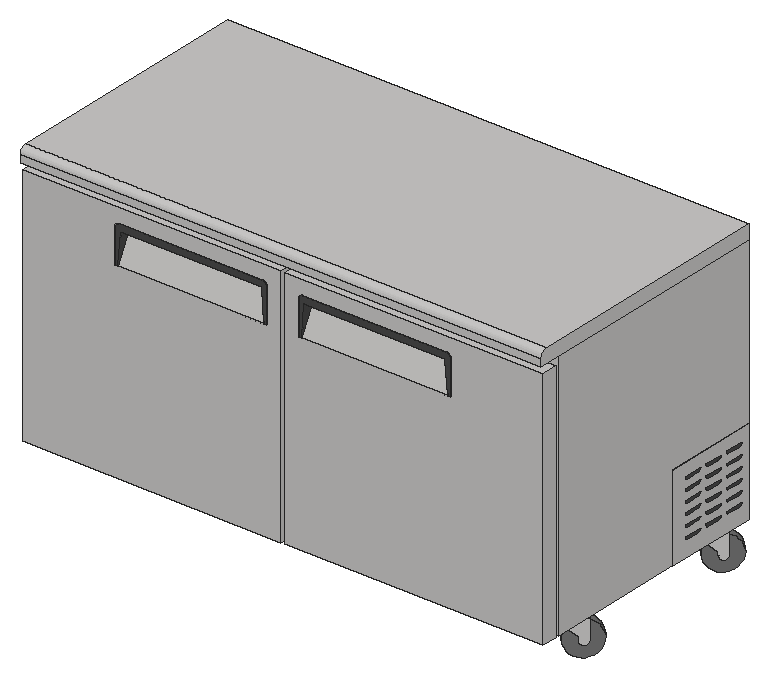
Revit family "QF_Turbo Air_MUF-60", category Specialty Equipment, Revit 2012
Parameters
  Weight in Pounds = 282
  Watermarked By = "http://revitwatermark.com"
  Volts = 115 V
  URL Cutsheet = ""
  URL = "www.turboairinc.com"
  Status [instance] = ""
  Specification by User [instance] = ""
  Specification by Manufacturer [instance] = ""
  Serial Number [instance] = ""
  Revision Code [instance] = ""
  Phase = 1
  Number of Poles [instance] = 1
  NAFEM Spec ID Number [instance] = ""
  Model = "MUF-60"
  Masterspec [instance] = ""
  Manufacturer = "Turbo Air"  # constant formula
  Legs [instance] = [6 inch Legs]  # no
  Item Number [instance] = "-"
  Installed By [instance] = ""
  HP = "1/2"
  Furnished By [instance] = ""
  Foodservice Equipment Identifier = yes
  FL Amps = 9 A
  Electrical Remarks [instance] = ""
  Electric Connection Type [instance] = ""
  Elec Conn RI Height [instance] = 0' - 0"
  Elec Conn Connection Height = 1' - 0"
  Description = "Undercounter Freezer"
  Cycle = 60 Hz
  Conn Plug = "NEMA 5-15P"
  Casters [instance] = not(Legs)  # yes
  CasterLeg Height [instance] = if([4 inch Casters], 0' 5", if([5 inch Casters], 0' 5 3/4", if([2_5 inch Casters], 0' 3 3/8", 0' 6")))  # 0' - 5"
  CSI MasterFormat = "11 41 13"
  Assembly Code = "E1090320"
  Apparent Power = if(Phase = 3, Volts * FL Amps * 1.73, Volts * FL Amps)  # 1035 VA
  6 inch Legs [instance] = no
  5 inch Casters [instance] = no
  4 inch Casters [instance] = yes
  2_5 inch Casters [instance] = no
Reference planes (in)
  plane 1 "BACK": y = 0
  plane 2: z = 0
  plane 3 "LEFT": x = -20.78844
  plane 4 "Bottom": z = 5
  plane 5 "Back Stops": y = 1
  plane 6 "RIGHT": x = 39.46156
  plane 7 "FRONT": y = -30
  plane 8 "Door Clearance": y = -57.875
  plane 9 "Back of Door": y = -27.875
  plane 10 "Front of Box": y = -27.375
  plane 11 "Top of Door": z = 33.125
  plane 12 "TOP": z = 35.625
  plane 13 "Bottom of TOP": z = 34
  plane 14 "Center LR": x = 9.33656
  plane 15: x = 9.52406
  plane 16: x = 9.14906
Forms (in)
  Extrusion 1, solid, material "QF_Finishes_Stainless Steel"
    sketch origin (-20.78844, 0, 0) x (0, 1, 0) y (0, 0, 1)
      loop
        line (0, 5) -> (0, 34) -> (-27.375, 34) -> (-27.375, 5) -> (0, 5)
    from 0 to 60.25
  Extrusion 2, solid, material "QF_Finishes_Black"
    sketch origin (0, -27.375, 0) x (1, 0, 0) y (0, 0, 1)
      loop
        line (-19.78844, 32.125) -> (-19.78844, 6) -> (8.14906, 6) -> (8.14906, 32.125) -> (-19.78844, 32.125)
      loop
        line (10.52406, 32.125) -> (10.52406, 6) -> (38.46156, 6) -> (38.46156, 32.125) -> (10.52406, 32.125)
    from 0 to 0.5
  Extrusion 3, void
    sketch origin (39.46156, 0, 0) x (0, 1, 0) y (0, 0, 1)
      loop
        line (0, 5) -> (0, 15) -> (-11, 15) -> (-11, 5) -> (0, 5)
    from 0 to -1
  Extrusion 4, solid, material "QF_Finishes_Stainless Steel"
    sketch origin (39.46156, 0, 0) x (0, 1, 0) y (0, 0, 1)
      loop
        line (-10.875, 14.875) -> (-10.875, 5) -> (0, 5) -> (0, 14.875) -> (-10.875, 14.875)
      loop
        arc (-9.25, 13.5) -> (-9.10355, 13.14645) -> (-8.75, 13) r 0.5
        line (-8.75, 13) -> (-7.25, 13)
        arc (-7.25, 13) -> (-6.89645, 13.14645) -> (-6.75, 13.5) r 0.5
        line (-6.75, 13.5) -> (-9.25, 13.5)
      loop
        arc (-6.25, 13.5) -> (-6.10355, 13.14645) -> (-5.75, 13) r 0.5
        line (-5.75, 13) -> (-4.25, 13)
        arc (-4.25, 13) -> (-3.89645, 13.14645) -> (-3.75, 13.5) r 0.5
        line (-3.75, 13.5) -> (-6.25, 13.5)
      loop
        arc (-3.25, 13.5) -> (-3.10355, 13.14645) -> (-2.75, 13) r 0.5
        line (-2.75, 13) -> (-1.25, 13)
        arc (-1.25, 13) -> (-0.89645, 13.14645) -> (-0.75, 13.5) r 0.5
        line (-0.75, 13.5) -> (-3.25, 13.5)
      loop
        arc (-9.25, 12.25) -> (-9.10355, 11.89645) -> (-8.75, 11.75) r 0.5
        line (-8.75, 11.75) -> (-7.25, 11.75)
        arc (-7.25, 11.75) -> (-6.89645, 11.89645) -> (-6.75, 12.25) r 0.5
        line (-6.75, 12.25) -> (-9.25, 12.25)
      loop
        arc (-6.25, 12.25) -> (-6.10355, 11.89645) -> (-5.75, 11.75) r 0.5
        line (-5.75, 11.75) -> (-4.25, 11.75)
        arc (-4.25, 11.75) -> (-3.89645, 11.89645) -> (-3.75, 12.25) r 0.5
        line (-3.75, 12.25) -> (-6.25, 12.25)
      loop
        arc (-3.25, 12.25) -> (-3.10355, 11.89645) -> (-2.75, 11.75) r 0.5
        line (-2.75, 11.75) -> (-1.25, 11.75)
        arc (-1.25, 11.75) -> (-0.89645, 11.89645) -> (-0.75, 12.25) r 0.5
        line (-0.75, 12.25) -> (-3.25, 12.25)
      loop
        arc (-9.25, 11) -> (-9.10355, 10.64645) -> (-8.75, 10.5) r 0.5
        line (-8.75, 10.5) -> (-7.25, 10.5)
        arc (-7.25, 10.5) -> (-6.89645, 10.64645) -> (-6.75, 11) r 0.5
        line (-6.75, 11) -> (-9.25, 11)
      loop
        arc (-6.25, 11) -> (-6.10355, 10.64645) -> (-5.75, 10.5) r 0.5
        line (-5.75, 10.5) -> (-4.25, 10.5)
        arc (-4.25, 10.5) -> (-3.89645, 10.64645) -> (-3.75, 11) r 0.5
        line (-3.75, 11) -> (-6.25, 11)
      loop
        arc (-3.25, 11) -> (-3.10355, 10.64645) -> (-2.75, 10.5) r 0.5
        line (-2.75, 10.5) -> (-1.25, 10.5)
        arc (-1.25, 10.5) -> (-0.89645, 10.64645) -> (-0.75, 11) r 0.5
        line (-0.75, 11) -> (-3.25, 11)
      loop
        arc (-9.25, 9.75) -> (-9.10355, 9.39645) -> (-8.75, 9.25) r 0.5
        line (-8.75, 9.25) -> (-7.25, 9.25)
        arc (-7.25, 9.25) -> (-6.89645, 9.39645) -> (-6.75, 9.75) r 0.5
        line (-6.75, 9.75) -> (-9.25, 9.75)
      loop
        arc (-6.25, 9.75) -> (-6.10355, 9.39645) -> (-5.75, 9.25) r 0.5
        line (-5.75, 9.25) -> (-4.25, 9.25)
        arc (-4.25, 9.25) -> (-3.89645, 9.39645) -> (-3.75, 9.75) r 0.5
        line (-3.75, 9.75) -> (-6.25, 9.75)
      loop
        arc (-3.25, 9.75) -> (-3.10355, 9.39645) -> (-2.75, 9.25) r 0.5
        line (-2.75, 9.25) -> (-1.25, 9.25)
        arc (-1.25, 9.25) -> (-0.89645, 9.39645) -> (-0.75, 9.75) r 0.5
        line (-0.75, 9.75) -> (-3.25, 9.75)
      loop
        arc (-9.25, 8.5) -> (-9.10355, 8.14645) -> (-8.75, 8) r 0.5
        line (-8.75, 8) -> (-7.25, 8)
        arc (-7.25, 8) -> (-6.89645, 8.14645) -> (-6.75, 8.5) r 0.5
        line (-6.75, 8.5) -> (-9.25, 8.5)
      loop
        arc (-6.25, 8.5) -> (-6.10355, 8.14645) -> (-5.75, 8) r 0.5
        line (-5.75, 8) -> (-4.25, 8)
        arc (-4.25, 8) -> (-3.89645, 8.14645) -> (-3.75, 8.5) r 0.5
        line (-3.75, 8.5) -> (-6.25, 8.5)
      loop
        arc (-3.25, 8.5) -> (-3.10355, 8.14645) -> (-2.75, 8) r 0.5
        line (-2.75, 8) -> (-1.25, 8)
        arc (-1.25, 8) -> (-0.89645, 8.14645) -> (-0.75, 8.5) r 0.5
        line (-0.75, 8.5) -> (-3.25, 8.5)
      loop
        arc (-9.25, 7.25) -> (-9.10355, 6.89645) -> (-8.75, 6.75) r 0.5
        line (-8.75, 6.75) -> (-7.25, 6.75)
        arc (-7.25, 6.75) -> (-6.89645, 6.89645) -> (-6.75, 7.25) r 0.5
        line (-6.75, 7.25) -> (-9.25, 7.25)
      loop
        arc (-6.25, 7.25) -> (-6.10355, 6.89645) -> (-5.75, 6.75) r 0.5
        line (-5.75, 6.75) -> (-4.25, 6.75)
        arc (-4.25, 6.75) -> (-3.89645, 6.89645) -> (-3.75, 7.25) r 0.5
        line (-3.75, 7.25) -> (-6.25, 7.25)
      loop
        arc (-3.25, 7.25) -> (-3.10355, 6.89645) -> (-2.75, 6.75) r 0.5
        line (-2.75, 6.75) -> (-1.25, 6.75)
        arc (-1.25, 6.75) -> (-0.89645, 6.89645) -> (-0.75, 7.25) r 0.5
        line (-0.75, 7.25) -> (-3.25, 7.25)
    from 0 to -1
  Extrusion 5, solid, material "QF_Finishes_Black"
    sketch origin (39.46156, 0, 0) x (0, 1, 0) y (0, 0, 1)
      loop
        line (-9.875, 13.95221) -> (-9.875, 6.20221) -> (-0.375, 6.20221) -> (-0.375, 13.95221) -> (-9.875, 13.95221)
    from -0.125 to -1
  Extrusion 6, solid, material "QF_Finishes_Black"
    sketch origin (0, 0, 0) x (1, 0, 0) y (0, 0, 1)
      loop
        circle (-14.66344, 30.8125) r 0.5
      loop
        circle (33.33656, 30.8125) r 0.5
    from 0 to -1
  Extrusion 7, solid, material "QF_Finishes_Stainless Steel"
    sketch origin (0, 0, 0) x (1, 0, 0) y (0, 0, 1)
      loop
        circle (35.46156, 11.125) r 0.25
    from 0 to -0.0625
  Extrusion 8, solid, material "QF_Finishes_Polished Steel"
    sketch origin (-20.78844, 0, 0) x (0, 1, 0) y (0, 0, 1)
      loop
        line (0, 35.625) -> (-29.1875, 35.625)
        arc (-29.1875, 35.625) -> (-29.76202, 35.38702) -> (-30, 34.8125) r 0.8125
        line (-30, 34.8125) -> (-30, 34) -> (0, 34) -> (0, 35.625)
    from 0 to 60.25
Cuts and joins
  Extrusion 3 cuts Extrusion 1
Lines and regions (in)
  symbolic lines
    curve 1: line (-20.78844, 0, 35.875) -> (39.46156, 0, 35.875)
    curve 2: line (-20.78844, -30, 35.875) -> (-20.78844, 0, 35.875)
    curve 3: line (39.46156, -30, 35.875) -> (-20.78844, -30, 35.875)
    curve 4: line (39.46156, 0, 35.875) -> (39.46156, -30, 35.875)
    curve 5: line (32.83656, 1, 35.875) -> (33.83656, 1, 35.875)
    curve 6: line (-15.16344, 1, 35.875) -> (-14.16344, 1, 35.875)
    curve 7: line (-15.16344, 1, 35.875) -> (-15.16344, 0, 35.875)
    curve 8: line (-14.16344, 1, 35.875) -> (-14.16344, 0, 35.875)
    curve 9: line (32.83656, 1, 35.875) -> (32.83656, 0, 35.875)
    curve 10: line (33.83656, 1, 35.875) -> (33.83656, 0, 35.875)
  symbolic lines, style "QF_Clearances", detail levels coarse
    curve 11: line (39.46156, -30, 35.875) -> (39.46156, -57.875, 35.875)
    curve 12: arc (39.46156, -57.875, 35.875) -> (19.01345, -49.82665, 35.875) -> (9.53692, -30, 35.875) r 30
    curve 13: line (-20.78844, -30, 35.875) -> (-20.78844, -57.875, 35.875)
    curve 14: arc (-20.78844, -57.875, 35.875) -> (-0.34034, -49.82665, 35.875) -> (9.1362, -30, 35.875) r 30
Dimensions and locks (in)
  "CasterLeg Height": plane 4 "Bottom" to plane 2
  locked: plane 1 "BACK" to plane 5 "Back Stops" at 1
  locked: plane 6 "RIGHT" to plane 3 "LEFT" at 60.25
  locked: plane 7 "FRONT" to plane 1 "BACK" at 30
  locked: plane 9 "Back of Door" to plane 10 "Front of Box" at 0.5
  locked: plane 8 "Door Clearance" to plane 1 "BACK" at 57.875
  locked: plane 11 "Top of Door" to Extrusion 2 sketch curve at 1  (x2)
  locked: Extrusion 2 sketch curve to plane 3 "LEFT" at 1
  locked: Extrusion 2 sketch curve to plane 4 "Bottom" at 1  (x2)
  locked: Extrusion 3 sketch curve to plane 1 "BACK" at 11
  locked: Extrusion 3 sketch curve to plane 4 "Bottom" at 10
  locked: plane 4 "Bottom" to Extrusion 4 sketch curve at 9.875
  locked: Extrusion 4 sketch curve to plane 1 "BACK" at 10.875
  locked: Extrusion 5 sketch curve to Extrusion 5 sketch curve at 7.75
  locked: Extrusion 5 sketch curve to plane 4 "Bottom" at 1.20221
  locked: Extrusion 5 sketch curve to Extrusion 5 sketch curve at 9.5
  locked: Extrusion 5 sketch curve to plane 1 "BACK" at 0.375
  locked: nested 1 to plane 1 "BACK" at 2.5625
  locked: plane 3 "LEFT" to nested 1 at 2.5
  locked: plane 3 "LEFT" to nested 2 at 2.5
  locked: plane 10 "Front of Box" to nested 2 at 4.625
  locked: nested 3 to plane 6 "RIGHT" at 2.5
  locked: nested 4 to plane 6 "RIGHT" at 2.5
  locked: plane 10 "Front of Box" to nested 4 at 4.625
  locked: nested 3 to plane 1 "BACK" at 2.5625
  locked: plane 6 "RIGHT" to Extrusion 6 sketch curve at 6.125
  locked: Extrusion 6 sketch curve to plane 3 "LEFT" at 6.125
  locked: Extrusion 7 sketch curve to plane 4 "Bottom" at 6.125
  locked: plane 6 "RIGHT" to Extrusion 7 sketch curve at 4
  locked: plane 12 "TOP" to plane 4 "Bottom" at 30.625
  locked: plane 12 "TOP" to plane 13 "Bottom of TOP" at 1.625
  locked: plane 13 "Bottom of TOP" to plane 11 "Top of Door" at 0.875
  plane 9 "Back of Door" to plane 1 "BACK" = 2' - 3 7/8"
  equal spacing: plane 3 "LEFT", plane 14 "Center LR", plane 6 "RIGHT"
  plane 16 to plane 14 "Center LR" to plane 15 = 0' - 0 3/16" locked, 0' - 0 3/16" locked
  locked: Extrusion 2 sketch curve to plane 16 at 1
  locked: Extrusion 2 sketch curve to plane 6 "RIGHT" at 1
  locked: Extrusion 2 sketch curve to plane 15 at 1
  aligned and locked: level to plane 2
  aligned and locked: Extrusion 1 sketch curve to plane 1 "BACK"
  aligned and locked: Extrusion 1 sketch curve to plane 4 "Bottom"
  aligned and locked: plane 10 "Front of Box" to Extrusion 1 sketch curve
  aligned and locked: plane 6 "RIGHT" to Extrusion 1
  aligned and locked: plane 9 "Back of Door" to Extrusion 2
  aligned and locked: Extrusion 3 sketch curve to plane 1 "BACK"
  aligned and locked: Extrusion 3 sketch curve to plane 4 "Bottom"
  aligned and locked: Extrusion 6 to plane 5 "Back Stops"
  aligned and locked: plane 1 "BACK" to curve 1
  aligned and locked: curve 4 to plane 6 "RIGHT"
  aligned and locked: plane 3 "LEFT" to curve 2
  aligned and locked: curve 3 to plane 7 "FRONT"
  aligned and locked: curve 5 to Extrusion 6
  aligned and locked: curve 6 to Extrusion 6
  aligned and locked: Extrusion 1 sketch curve to plane 13 "Bottom of TOP"
  aligned and locked: plane 1 "BACK" to Extrusion 8 sketch curve
  aligned and locked: plane 13 "Bottom of TOP" to Extrusion 8 sketch curve
  aligned and locked: Extrusion 8 sketch curve to plane 7 "FRONT"
  aligned and locked: Extrusion 8 sketch curve to plane 12 "TOP"
  aligned and locked: plane 6 "RIGHT" to Extrusion 8
  aligned and locked: nested 6 to plane 4 "Bottom"
  aligned and locked: plane 4 "Bottom" to nested 5
Automatic sketch dimensions
  Extrusion 4 sketch curve to plane 1 "BACK" = 0' - 0"
  Extrusion 4 sketch curve to plane 4 "Bottom" = 0' - 0"
  Extrusion 4 sketch curve to Extrusion 4 sketch curve = 0' - 1 5/8"
  Extrusion 4 sketch curve to Extrusion 4 sketch curve = 0' - 0"  (x16)
  Extrusion 4 sketch curve to Extrusion 4 sketch curve = 0' - 0 1/2"  (x31)
  Extrusion 4 sketch curve to Extrusion 4 sketch curve = 0' - 1 1/2"  (x4)
  plane 1 "BACK" to Extrusion 4 sketch curve = 0' - 1 1/4"  (x3)
  plane 4 "Bottom" to Extrusion 4 sketch curve = 0' - 1 3/4"  (x2)
  Extrusion 4 sketch curve to Extrusion 4 sketch curve = 0' - 0 3/4"  (x15)
  Extrusion 6 sketch curve to plane 11 "Top of Door" = 0' - 2 5/16"  (x2)
  Extrusion 8 sketch curve to plane 7 "FRONT" = 0' - 0 13/16"
  plane 8 "Door Clearance" to curve 11 = 0' - 0"
  plane 8 "Door Clearance" to curve 14 = 0' - 0"
  plane 9 "Back of Door" to curve 12 = 0' - 0"
  plane 9 "Back of Door" to curve 14 = 0' - 0"
  curve 10 to plane 6 "RIGHT" = 0' - 5 5/8"
  curve 5 to curve 9 = 0' - 1"
  plane 3 "LEFT" to curve 8 = 0' - 6 5/8"
  curve 6 to curve 7 = 0' - 1"
  radius of Extrusion 6 sketch curve = 0' - 0 1/2"  (x2)
  radius of Extrusion 7 sketch curve = 0' - 0 1/4"
Nested families (in)
  nested 1: "FESCasterLeg" at (-18.28844, -2.5625, 0), Legs <- "Legs", Casters <- "Casters", Height <- "CasterLeg Height", type "FESCasterLeg"
    with Legs no, Height 0' - 5", Casters yes, Caster Radius 0' - 2"
  nested 2: "FESCasterLeg" at (-18.28844, -22.75, 0), Legs <- "Legs", Casters <- "Casters", Height <- "CasterLeg Height", type "FESCasterLeg"
    with Legs no, Height 0' - 5", Casters yes, Caster Radius 0' - 2"
  nested 3: "FESCasterLeg" at (36.96156, -2.5625, 0), Legs <- "Legs", Casters <- "Casters", Height <- "CasterLeg Height", type "FESCasterLeg"
    with Legs no, Height 0' - 5", Casters yes, Caster Radius 0' - 2"
  nested 4: "FESCasterLeg" at (36.96156, -22.75, 0), Legs <- "Legs", Casters <- "Casters", Height <- "CasterLeg Height", type "FESCasterLeg"
    with Legs no, Height 0' - 5", Casters yes, Caster Radius 0' - 2"
  nested 5: "QF_Turbo Air_TBL_Door-1" at (24.28489, -27.875, 5) x (-1, 0, 0) z (0, 0, 1), type "QF_Turbo Air_TBL_Door-1"
    with Width 2' - 5 15/16", Symbolic Lines yes, Height 2' - 4 1/8", Handle Width 1' - 5 5/8", Depth 0' - 1 13/16"
  nested 6: "QF_Turbo Air_TBL_Door-1" at (-5.61177, -27.875, 5), type "QF_Turbo Air_TBL_Door-1"
    with Width 2' - 5 15/16", Symbolic Lines yes, Height 2' - 4 1/8", Handle Width 1' - 5 5/8", Depth 0' - 1 13/16"
Connectors (in)
  electrical at (35.46156, 0.0625, 11.125), driven by "Number of Poles", driven by "Volts", driven by "Apparent Power"
    settings: on Extrusion 7, index 1, voltage 115 V, apparent load 1035 VA, apparent load phase1 0 VA, apparent load phase2 0 VA, apparent load phase3 0 VA, power factor 1, load classification "Other", number of poles 1, system type 30, power factor state 1, is connector primary yes, connector utility no, sub classification motor no, connector description ""
Definition of nested family "FESCasterLeg"
  Parameters (values of type "FESCasterLeg")
    Watermarked By = "http://revitwatermark.com"
    Type Comments = "⍁⍉⌁⌀⏭⎽⌇⍠⌜⍉⎖⌥⌦⌯⍭⏊⍻⍿⍊⏵⍊⏗⏠⍴⎡⌈⎀⍠⌓⌤⏘⎐⍀⌐⏬⏁⎈⏍⏦⎒⏬⌝⍩⍇⌣〈⎫〉⎁⏊⍥⍖⍥⍝⍦⌖⍀⏌⏭⎝⎼⏷⏞⍻⏯⎽⏷⏞⍻⏯⎽⏷⎺⌻⎝⍎⌧⏷⏟⏿⌿⍜⍦⍤⌁⍬⏶⏎⍊⏚⏉⎞⌡⎀⎪⏈⌟⌿⍾⍼⌟⌿⌢⌞⏜⏝⎽⍷⍷⍯⍧⍷⌯⍽⏸⏨⏾⏎⌣⏺⍹⏼⏅⎏⌽⎫⎪⍙⎓⏗⎗⏅⌴⍏⍏⍿⏑⎺⍘⌭⏲⍥⎛⎾⎾⍞⍌⎪⎲⌙⎥⏏⎟⎟⏼⏘⎏⎝⏧⏍⏁⍏⍧⏯⏾⌟"
    Legs [instance] = yes
    Height [instance] = 0' - 6"
    Caster Radius [instance] = if(Height < 0' 3", 0' 1", (Height / 2) - 0' 0 1/2")  # 0' - 2 1/2"
    Casters [instance] = yes
    Assembly Code = ""
  Reference planes (in)
    plane 1 "Center (Front/Back)": y = 0
    plane 2: z = 0
    plane 3 "Center (Left/Right)": x = 0
    plane 4: z = 6
    plane 5: z = 5.5
  Forms (in)
    Extrusion 1, solid, material "QF_Finishes_Stainless Steel", visible <- "Casters"
      sketch origin (-24.12131, -22.88887, 10.18833) x (0.707107, 0.707107, 0) y (0, 0, 1)
        loop
          line (34.98772, -7.68833) -> (34.98772, -4.93833) -> (34.48772, -4.93833) -> (34.39402, -4.68833) -> (32.39402, -4.68833) -> (32.39402, -5.43833) -> (33.98772, -7.34206) -> (33.98772, -7.68833)
          arc (33.98772, -7.68833) -> (34.48772, -8.18833) -> (34.98772, -7.68833) r 0.5
      from 0 to 1.75
    Extrusion 2, solid, material "QF_Finishes_Rubber Black", visible <- "Casters"
      sketch origin (-24.32327, -23.09083, 13.31461) x (0.707107, 0.707107, 0) y (0, 0, 1)
        loop
          circle (34.77334, -10.81461) r 2.5
      from 0.375 to 1.375
    Extrusion 3, solid, material "QF_Finishes_Stainless Steel", visible <- "Casters"
      sketch origin (-7.24148, -8.48391, 0) x (0.707107, 0.707107, 0) y (0, 0, 1)
        loop
          line (10.61603, 5.5) -> (11.61603, 5.5) -> (11.61603, 6) -> (10.61603, 6) -> (10.61603, 5.5)
      from 0 to -1.75
    Blend 4, solid, material "QF_Finishes_Stainless Steel", visible <- "Legs"
      base sketch origin (0, 0, 0) x (1, 0, 0) y (0, 1, 0)
        loop
          circle (0, 0) r 0.5
      top sketch origin (0, 0, 0) x (1, 0, 0) y (0, 1, 0)
        loop
          circle (0, 0) r 1
      from 0 to 6 <- "Height"
  Lines and regions (in)
    symbolic lines, style "QF_Hidden Details", visible <- "Casters", built-in parameter 1006206 <- "Casters"
      curve 1: line (-1.26158, -0.51911, 0) -> (1.39007, 2.13254, 0)
      curve 2: line (-0.53429, -1.24639, 0) -> (2.11736, 1.40526, 0)
    symbolic lines, style "QF_Hidden Details", built-in parameter 1006206 <- "Casters", visible <- "Casters"
      curve 3: line (-1.26158, -0.51911, 0) -> (1.39007, 2.13254, 0)
      curve 4: line (-0.53429, -1.24639, 0) -> (2.11736, 1.40526, 0)
  Dimensions and locks (in)
    locked: plane 4 to plane 5 at 0.5
    "Height": plane 4 to level
    "Caster Radius": Extrusion 2 sketch curve to level
    "Caster Radius": Extrusion 1 sketch curve to level
    "Caster Radius": radius of Extrusion 2 sketch curve
    aligned and locked: plane 2 to level
    aligned: Blend 4 to Extrusion 3
    aligned and locked: plane 4 to Blend 4
    aligned and locked: Extrusion 3 to plane 5
    aligned and locked: plane 4 to Extrusion 3
    aligned and locked: plane 5 to Extrusion 1
  Automatic sketch dimensions
    plane 1 "Center (Front/Back)" to curve 3 = 0' - 0.51911"
    curve 3 to plane 3 "Center (Left/Right)" = 0' - 1.26158"
    plane 1 "Center (Front/Back)" to curve 1 = 0' - 0.51911"
    curve 1 to curve 3 = 0' - 0"  (x3)
    curve 4 to plane 3 "Center (Left/Right)" = 0' - 0.53429"
    curve 2 to curve 4 = 0' - 0"  (x2)
    plane 3 "Center (Left/Right)" to curve 3 = 0' - 1.39007"
    curve 1 to curve 4 = 0' - 0.72729"
    curve 2 to curve 1 = 0' - 0.72729"
    curve 4 to curve 2 = 0' - 0"  (x2)
    curve 2 to plane 1 "Center (Front/Back)" = 0' - 1.40526"
    curve 2 to curve 3 = 0' - 0.72729"
    plane 5 to Extrusion 1 sketch curve = 0' - 0"
    Extrusion 1 sketch curve to Extrusion 1 sketch curve = 0' - 1.5937"
    Extrusion 1 sketch curve to Extrusion 1 sketch curve = 0' - 2"
    Extrusion 1 sketch curve to Extrusion 1 sketch curve = 0' - 0.0937"
    Extrusion 1 sketch curve to Extrusion 1 sketch curve = 0' - 0 1/2"
    Extrusion 1 sketch curve to Extrusion 1 sketch curve = 0' - 0.34627"
    Extrusion 1 sketch curve to plane 5 = 0' - 0 3/4"
    Extrusion 1 sketch curve to plane 5 = 0' - 0 1/4"
    Extrusion 3 sketch curve to plane 5 = 0' - 0"
    plane 4 to Extrusion 3 sketch curve = 0' - 0"
    Extrusion 3 sketch curve to Extrusion 3 sketch curve = 0' - 1"
    plane 1 "Center (Front/Back)" to Blend 4 sketch curve = 0' - 0"  (x2)
    Blend 4 sketch curve to plane 3 "Center (Left/Right)" = 0' - 0"  (x2)
    radius of Blend 4 sketch curve = 0' - 0 1/2"
    radius of Blend 4 sketch curve = 0' - 1"
Definition of nested family "QF_Turbo Air_TBL_Door-1"
  Parameters (values of type "QF_Turbo Air_TBL_Door-1")
    Width [instance] = 2' - 5 5/16"
    Watermarked By = "http://revitwatermark.com"
    Symbolic Lines [instance] = yes
    Manufacturer = "Turbo Air"  # constant formula
    Height [instance] = 2' - 3 7/16"
    Handle Width [instance] = 1' - 5 5/8"
    Depth [instance] = 0' - 1 13/16"
  Reference planes (in)
    plane 1 "BACK": y = 0
    plane 2: z = 0
    plane 3 "LEFT": x = -15.17667
    plane 4: x = 14.13583
    plane 5 "FRONT": y = -1.8125
    plane 6: z = 27.4375
    plane 7 "Right of Handle": x = 12.51083
    plane 8 "Left of Handle": x = -5.11417
  Forms (in)
    Extrusion 1, solid, material "QF_Finishes_Black"
      sketch origin (-31.11417, 0, 15.01083) x (0, 0, -1) y (1, 0, 0)
        loop
          arc (-10.23917, 43.625) -> (-10.63691, 43.46025) -> (-10.80167, 43.0625) r 0.5625
          line (-10.80167, 43.0625) -> (-10.80167, 26.5625)
          arc (-10.80167, 26.5625) -> (-10.63691, 26.16475) -> (-10.23917, 26) r 0.5625
          line (-10.23917, 26) -> (-6.30167, 26) -> (-6.30167, 26.34375) -> (-9.98917, 26.66636) -> (-9.98917, 42.95864) -> (-6.30167, 43.28125) -> (-6.30167, 43.625) -> (-10.23917, 43.625)
      from 0 to 1.8125
    Extrusion 2, solid, material "QF_Finishes_Stainless Steel"
      sketch origin (-5.14542, 0, 15.01083) x (0, 1, 0) y (0, 0, 1)
        loop
          line (-1.8125, 6.30167) -> (0, 6.30167) -> (0, 9.98917) -> (-0.47036, 9.98917) -> (-1.8125, 6.30167)
      from 0.375 to 17.3125
    Extrusion 3, solid, material "QF_Finishes_Stainless Steel"
      sketch origin (0, 0, 0) x (1, 0, 0) y (0, 0, 1)
        loop
          line (-15.17667, 27.4375) -> (-15.17667, 0) -> (14.13583, 0) -> (14.13583, 27.4375) -> (-15.17667, 27.4375)
        loop
          arc (-4.55167, 25.8125) -> (-4.94941, 25.64775) -> (-5.11417, 25.25) r 0.5625
          line (-5.11417, 25.25) -> (-5.11417, 21.3125) -> (12.51083, 21.3125) -> (12.51083, 25.25)
          arc (12.51083, 25.25) -> (12.34608, 25.64775) -> (11.94833, 25.8125) r 0.5625
          line (11.94833, 25.8125) -> (-4.55167, 25.8125)
      from 0 to 1.8125
  Lines and regions (in)
    symbolic lines, visible <- "Symbolic Lines"
      curve 1: line (-15.17667, 0, 25.96875) -> (14.13583, 0, 25.96875)
      curve 2: line (-15.17667, -1.8125, 25.96875) -> (-15.17667, 0, 25.96875)
      curve 3: line (14.13583, -1.8125, 25.96875) -> (-15.17667, -1.8125, 25.96875)
      curve 4: line (14.13583, 0, 25.96875) -> (14.13583, -1.8125, 25.96875)
  Dimensions and locks (in)
    "Width": plane 4 to plane 3 "LEFT"
    "Depth": plane 5 "FRONT" to plane 1 "BACK"
    "Height": plane 6 to plane 2
    locked: Extrusion 3 sketch curve to Extrusion 3 sketch curve at 4.5
    locked: plane 6 to Extrusion 3 sketch curve at 1.625
    locked: plane 6 to Extrusion 1 sketch curve at 1.625
    locked: Extrusion 1 sketch curve to Extrusion 1 sketch curve at 0.8125
    locked: Extrusion 1 sketch curve to Extrusion 1 sketch curve at 4.5  (x2)
    locked: plane 6 to Extrusion 2 sketch curve at 2.4375
    locked: Extrusion 2 sketch curve to Extrusion 2 sketch curve at 3.6875
    locked: Extrusion 2 sketch curve to plane 5 "FRONT" at 1.34214
    locked: plane 7 "Right of Handle" to plane 4 at 1.625
    "Handle Width": plane 8 "Left of Handle" to plane 7 "Right of Handle"
    locked: Extrusion 1 sketch curve to plane 8 "Left of Handle" at 0.34375
    locked: Extrusion 1 sketch curve to plane 8 "Left of Handle" at 0.66636
    locked: Extrusion 1 sketch curve to plane 8 "Left of Handle" at 0.5625
    locked: plane 7 "Right of Handle" to Extrusion 1 sketch curve at 0.34375
    locked: plane 7 "Right of Handle" to Extrusion 1 sketch curve at 0.66636
    locked: plane 7 "Right of Handle" to Extrusion 1 sketch curve at 0.5625
    locked: plane 8 "Left of Handle" to Extrusion 2 at 0.34375
    locked: plane 7 "Right of Handle" to Extrusion 2 at 0.34375
    aligned and locked: level to plane 2
    aligned and locked: Extrusion 3 sketch curve to plane 6
    aligned and locked: plane 3 "LEFT" to Extrusion 3 sketch curve
    aligned and locked: level to Extrusion 3 sketch curve
    aligned and locked: Extrusion 3 sketch curve to plane 4
    aligned and locked: plane 5 "FRONT" to Extrusion 3
    aligned and locked: Extrusion 2 sketch curve to plane 1 "BACK"
    aligned and locked: plane 1 "BACK" to curve 1
    aligned and locked: plane 3 "LEFT" to curve 2
    aligned and locked: curve 3 to plane 5 "FRONT"
    aligned and locked: curve 4 to plane 4
    aligned and locked: Extrusion 3 sketch curve to plane 7 "Right of Handle"
    aligned and locked: Extrusion 3 sketch curve to plane 8 "Left of Handle"
    aligned and locked: Extrusion 1 sketch curve to plane 7 "Right of Handle"
    aligned and locked: plane 8 "Left of Handle" to Extrusion 1 sketch curve
  Automatic sketch dimensions
    Extrusion 3 sketch curve to Extrusion 3 sketch curve = 0' - 0 9/16"  (x2)
    Extrusion 2 sketch curve to plane 5 "FRONT" = 0' - 0"
